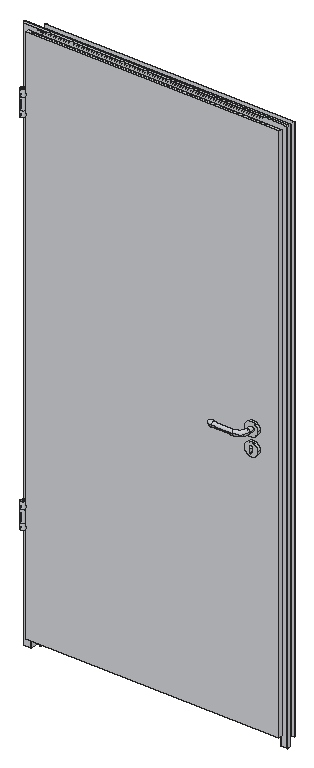
Revit family "BOS-Eckzarge-Eud-MW_Familie", category Türen, Revit 2017 (continued)
Definition of nested family "BOS-Band-VX_Modell"
  Automatic sketch dimensions
    Extrusion 6 sketch curve to Extrusion 6 sketch curve = 4.091 mm
    Extrusion 6 sketch curve to curve 1 = 7.771 mm
    Extrusion 6 sketch curve to Extrusion 6 sketch curve = 2.203 mm
    Extrusion 6 sketch curve to Extrusion 6 sketch curve = 7.729 mm
    Extrusion 7 sketch curve to Extrusion 7 sketch curve = 0 mm  (x6)
    Extrusion 7 sketch curve to curve 1 = 0 mm  (x2)
    Extrusion 7 sketch curve to curve 1 = 5.051 mm
    Extrusion 7 sketch curve to Extrusion 7 sketch curve = 4.091 mm
    Extrusion 7 sketch curve to curve 1 = 7.771 mm
    Extrusion 7 sketch curve to Extrusion 7 sketch curve = 2.203 mm
    Extrusion 7 sketch curve to Extrusion 7 sketch curve = 7.729 mm
    Extrusion 8 sketch curve to plane 1 = 0 mm
    plane 1 to Extrusion 8 sketch curve = 11.45 mm
    Extrusion 8 sketch curve to plane 3 = 11 mm
    Extrusion 8 sketch curve to plane 1 = 1.733 mm
    Extrusion 8 sketch curve to Extrusion 8 sketch curve = 1.151 mm
    Extrusion 8 sketch curve to Extrusion 8 sketch curve = 3.454 mm
    plane 1 to Extrusion 8 sketch curve = 7.193 mm
    Extrusion 8 sketch curve to Extrusion 8 sketch curve = 0.599 mm
    Extrusion 8 sketch curve to plane 1 = 1.214 mm
    Extrusion 8 sketch curve to Extrusion 8 sketch curve = 3.496 mm
    plane 1 to Extrusion 8 sketch curve = 4.667 mm
    Extrusion 8 sketch curve to Extrusion 8 sketch curve = 2.431 mm
    Extrusion 8 sketch curve to Extrusion 8 sketch curve = 0.001 mm
    Extrusion 8 sketch curve to Extrusion 8 sketch curve = 0.021 mm
    Extrusion 8 sketch curve to plane 1 = 0.017 mm
    Extrusion 8 sketch curve to Extrusion 8 sketch curve = 0.149 mm
    Extrusion 8 sketch curve to Extrusion 8 sketch curve = 2.05 mm
    Extrusion 9 sketch curve to Extrusion 9 sketch curve = 0 mm  (x6)
    Extrusion 9 sketch curve to curve 1 = 0 mm
    curve 1 to Extrusion 9 sketch curve = 0 mm
    Extrusion 9 sketch curve to curve 1 = 5.051 mm
    Extrusion 9 sketch curve to Extrusion 9 sketch curve = 4.091 mm
    Extrusion 9 sketch curve to curve 1 = 7.771 mm
    Extrusion 9 sketch curve to Extrusion 9 sketch curve = 2.203 mm
    Extrusion 9 sketch curve to Extrusion 9 sketch curve = 7.729 mm
    Extrusion 10 sketch curve to Extrusion 10 sketch curve = 0 mm  (x6)
    Extrusion 10 sketch curve to curve 1 = 0 mm
    curve 1 to Extrusion 10 sketch curve = 0 mm
    Extrusion 10 sketch curve to curve 1 = 5.051 mm
    Extrusion 10 sketch curve to Extrusion 10 sketch curve = 4.091 mm
    Extrusion 10 sketch curve to curve 1 = 7.771 mm
    Extrusion 10 sketch curve to Extrusion 10 sketch curve = 2.203 mm
    Extrusion 10 sketch curve to Extrusion 10 sketch curve = 7.729 mm
    Extrusion 11 sketch curve to Extrusion 11 sketch curve = 0 mm  (x3)
    plane 1 to Extrusion 11 sketch curve = 0 mm
    Extrusion 11 sketch curve to plane 3 = 0 mm
    Extrusion 11 sketch curve to plane 1 = 1.171 mm
    Extrusion 11 sketch curve to Extrusion 11 sketch curve = 6.421 mm
    plane 1 to Extrusion 11 sketch curve = 7.193 mm
    Extrusion 11 sketch curve to Extrusion 11 sketch curve = 0.526 mm
    Extrusion 11 sketch curve to Extrusion 11 sketch curve = 0.553 mm
    Extrusion 11 sketch curve to plane 1 = 0.901 mm
    plane 1 to Extrusion 11 sketch curve = 10.603 mm
    Extrusion 11 sketch curve to Extrusion 11 sketch curve = 3.5 mm
    Extrusion 11 sketch curve to Extrusion 11 sketch curve = 0.158 mm
    Extrusion 11 sketch curve to Extrusion 11 sketch curve = 1.739 mm
    plane 1 to Extrusion 11 sketch curve = 4.695 mm
    Extrusion 12 sketch curve to Extrusion 12 sketch curve = 0 mm  (x6)
    curve 1 to Extrusion 12 sketch curve = 0 mm  (x2)
    curve 1 to Extrusion 12 sketch curve = 46.34 mm
    Extrusion 12 sketch curve to Extrusion 12 sketch curve = 3.031 mm  (x2)
    Extrusion 12 sketch curve to Extrusion 12 sketch curve = 5.75 mm
    Extrusion 12 sketch curve to Extrusion 12 sketch curve = 1.346 mm
    Extrusion 12 sketch curve to Extrusion 12 sketch curve = 0.548 mm
    Extrusion 12 sketch curve to Extrusion 12 sketch curve = 1.017 mm
    Extrusion 12 sketch curve to Extrusion 12 sketch curve = 3.25 mm
    Extrusion 12 sketch curve to Extrusion 12 sketch curve = 1.75 mm
    Extrusion 13 sketch curve to Extrusion 13 sketch curve = 0 mm  (x6)
    curve 1 to Extrusion 13 sketch curve = 0 mm  (x2)
    curve 1 to Extrusion 13 sketch curve = 46.34 mm
    Extrusion 13 sketch curve to Extrusion 13 sketch curve = 3.031 mm  (x2)
    Extrusion 13 sketch curve to Extrusion 13 sketch curve = 5.75 mm
    Extrusion 13 sketch curve to Extrusion 13 sketch curve = 1.346 mm
    Extrusion 13 sketch curve to Extrusion 13 sketch curve = 0.548 mm
    Extrusion 13 sketch curve to Extrusion 13 sketch curve = 1.017 mm
    Extrusion 13 sketch curve to Extrusion 13 sketch curve = 3.25 mm
    Extrusion 13 sketch curve to Extrusion 13 sketch curve = 1.75 mm
    radius of Sweep 1 sketch curve = 6.5 mm
Definition of nested family "BOS-BOS_Modell"
  Parameters (values of type "BOS-BOS_Modell")
    Abstand = 22 mm
  Reference planes
    plane 1 "Mitte (Vorne/hinten)": y = 0
    plane 2: z = 0
    plane 3 "Mitte (Links/rechts)": x = 0
    plane 4 "BOS": x = -22
  Dimensions and locks
    "Abstand": plane 4 "BOS" to plane 3 "Mitte (Links/rechts)"
    aligned and locked: level to plane 2
    aligned and locked: plane 1 "Mitte (Vorne/hinten)" to text3d elem
    aligned and locked: text3d elem to level
Definition of nested family "BOS-Info-Texte_Beschriftung"
  Parameters (values of type "Drehpunkt Warnung")
    Unten = no
    Schwarz = yes
    Rot = no
    Oben = yes
    Info-Text En unten = "Kein Text"
    Info-Text De unten = "Kein Text"
    Info-Text En oben = "Die Lage des Drehpunktes des Türblattes ist ungenau!\r\nBitte mit dem Bandhersteller abstimmen."
    Englisch unten rot = and(and(Unten, Englisch), Rot)  # no
    Englisch unten schwarz = and(and(Unten, Englisch), Schwarz)  # no
    Englisch oben rot = and(and(Oben, Englisch), Rot)  # no
    Englisch oben schwarz = and(and(Oben, Englisch), Schwarz)  # no
    Info-Text De oben = "Der tatsächliche Drehpunkt des Türblattes\r\nkann von der Darstellung abweichen!"
    Warndreieck = no
    Fehlerkreis = no
    Englisch = no
    Deutsch unten rot = and(and(Unten, Deutsch), Rot)  # no
    Deutsch unten schwarz = and(and(Unten, Deutsch), Schwarz)  # no
    Deutsch oben rot = and(and(Oben, Deutsch), Rot)  # no
    Deutsch oben schwarz = and(and(Oben, Deutsch), Schwarz)  # yes
    Deutsch = not(Englisch)  # yes
    Ausrufezeichen = "!"
  Types (12, lengths in mm): name | Unten | Schwarz | Rot | Oben | Info-Text En unten | Info-Text De unten | Info-Text En oben | Info-Text De oben | Warndreieck | Fehlerkreis | Deutsch unten schwarz | Deutsch oben rot | Deutsch oben schwarz
    Rechtliche Hinweise | no | yes | no | yes | "Kein Text" | "Kein Text" | "In accordance with the protection note according to DIN 34, the ownership and copyrights are reserved!\r\n© 2016 BOS GmbH, Emsdetten, Germany -\r\nObserve the ISO 16016 protective label (see ID data)!\r\n\r\nSubject to technical change!" | "Entsprechend dem Schutzvermerk nach DIN 34 behalten wir uns Eigentum und Urheberrecht vor!\r\n© 2016 BOS GmbH, Emsdetten, Deutschland -\r\nSchutzvermerk ISO 16016 beachten (siehe ID-Daten)!\r\n\r\nTechnische Änderungen vorbehalten!" | no | no | no | no | yes
    Maulweite Fehlermeldung | no | yes | no | yes | "Kein Text" | "Kein Text" | "Check the wall thickness!" | "Wandstärke prüfen!" | no | yes | no | no | yes
    Verstellbereich | no | yes | no | yes | "Kein Text" | "Kein Text" | "Adjustment area from -5 to +15mm,\r\nother adjustment areas possible" | "Verstellbereich von -5 bis +15mm\r\nanderer Verstellbereich möglich" | no | no | no | no | yes
    Verstellbereich wSvdW | no | yes | no | yes | "Kein Text" | "Kein Text" | "Adjustment area in the soffit from -2 to +15mm,\r\nother adjustment areas possible" | "Verstellbereich in der Zargenleibung von -2 bis +15mm\r\nanderer Verstellbereich möglich" | no | no | no | no | yes
    Wandartauswahl 15Nz15Z | no | yes | no | yes | "Kein Text" | "Kein Text" | "Attention for stud walls: underlay from site required!\r\nFor DIN door leaves, select larger structural wall measurements.\r\nFor selection \"stud walls\":\r\nsee 'Features' (remove tick for brick walls)" | "Achtung bei Ständerwerk: bauseitige Unterfütterung erforderlich!\r\nBei DIN-Türblatt Rohbaumaße größer wählen.\r\nFür Auswahl \"Ständerwerk\": \r\nsiehe 'Eigenschaften' (Häkchen entfernen bei Mauerwerk)." | no | no | no | no | yes
    Technische Hinweise | no | yes | no | yes | "Kein Text" | "Kein Text" | "Due to manufacturing reasons this Revit family may not be changed\r\nwithout consulting BOS!\r\n\r\nDo not mirror frames (door list)!\r\nsee ‘Features’: DIN left / DIN right\r\n\r\nThe solid and stud walls or, for example, their profiles,\r\nmust be designed so that they can reliably and sustainably\r\nabsorb the static and dynamic forces resulting\r\nfrom the load on the door element used." | "Diese Revit-Familie darf aus fertigungstechnischen Gründen\r\nnicht ohne Rücksprache mit BOS abgeändert werden!\r\n\r\nZargen nicht spiegeln (Türliste)!\r\nsiehe 'Eigenschaften': DIN links / DIN rechts\r\n\r\nDie Massiv- und Ständerwerkswände bzw. deren Profile\r\nmüssen so ausgebildet sein, dass sie die statischen\r\nund dynamischen Kräfte, welche sich aus der Belastung\r\nder verwendeten Türelements ergeben, zuverlässig\r\nund nachhaltig aufnehmen können." | no | no | no | no | yes
    Drückerhöhe Warnung | yes | yes | no | no | "Please take the handle depth/height and/or DIN opening direction into account" | "Drückertiefen/-höhen und/oder DIN Richtungen beachten/anpassen!" | "Kein Text" | "Kein Text" | yes | no | yes | no | no
    Maulweite-Dehnungsfuge Fehlermeldung | no | yes | no | yes | "Kein Text" | "Kein Text" | "Check the wall thickness and/or expansion joint!" | "Wandstärke und/oder Dehnungsfuge prüfen!" | no | yes | no | no | yes
    Technische Hinweise Norm | no | yes | no | yes | "Kein Text" | "Kein Text" | "Due to manufacturing reasons this Revit family may not be changed\r\nwithout consulting BOS!\r\n\r\nThe solid and stud walls or, for example, their profiles,\r\nmust be designed so that they can reliably and sustainably\r\nabsorb the static and dynamic forces resulting\r\nfrom the load on the door element used." | "Diese Revit-Familie darf aus fertigungstechnischen Gründen\r\nnicht ohne Rücksprache mit BOS abgeändert werden!\r\n\r\nDie Massiv- und Ständerwerkswände bzw. deren Profile\r\nmüssen so ausgebildet sein, dass sie die statischen\r\nund dynamischen Kräfte, welche sich aus der Belastung\r\nder verwendeten Türelements ergeben, zuverlässig\r\nund nachhaltig aufnehmen können." | no | no | no | no | yes
    Maßauswahl | no | no | yes | yes | "Kein Text" | "Kein Text" | "To choose  Rebate Width/Height Measurement, Receiving Opening\r\nsee 'Features'" | "Auswahl von FMB, FMH, MW\r\nunter 'Eigenschaften'" | no | no | no | yes | no
    Rohbaumaß Warnung | no | yes | no | yes | "Kein Text" | "Kein Text" | "For DIN door leaves, select larger structural wall measurements!\r\nWhen changing the architrave widths, the structural measurements change accordingly." | "Bei DIN-Türblatt Rohbaumaße größer wählen!\r\nBei Änderung der Spiegelbreiten, Rohbaumaße beachten." | no | no | no | no | yes
    Drehpunkt Warnung | no | yes | no | yes | "Kein Text" | "Kein Text" | "Die Lage des Drehpunktes des Türblattes ist ungenau!\r\nBitte mit dem Bandhersteller abstimmen." | "Der tatsächliche Drehpunkt des Türblattes\r\nkann von der Darstellung abweichen!" | no | no | no | no | yes
  Reference planes
    plane 1: y = 0.955
    plane 2: x = 0
  Lines and regions (mm)
    Filled region 1, type "Gefüllter Bereich Gelb", visible <- "Warndreieck"
      outline origin (-7.188, 1.747, 0) x (1, 0, 0) y (0, 1, 0)
        loop
          line (5.951, -3.033) -> (8.413, -3.033) -> (7.182, -0.9) -> (5.951, -3.033)
    Filled region 2, type "Gefüllter Bereich Rot", visible <- "Fehlerkreis"
      outline origin (0, -3.763, 0) x (1, 0, 0) y (0, 1, 0)
        loop
          circle (0, 3.1) r 1.5
        loop
          line (-0.937, 3.486) -> (-0.937, 2.686) -> (1.023, 2.686) -> (1.023, 3.486) -> (-0.937, 3.486)
    Filled region 3, type "Gefüllter Bereich Weiss", visible <- "Fehlerkreis"
      outline origin (-7.014, -2.062, 0) x (1, 0, 0) y (0, 1, 0)
        loop
          line (6.077, 1.785) -> (6.077, 0.985) -> (8.038, 0.985) -> (8.038, 1.785) -> (6.077, 1.785)
  Text (mm)
    label "Info-Text De oben schwarz" at (0.065, 1.415, 0), shows "Info-Text De oben", visible <- "Deutsch oben schwarz"
    label "!" at (0.065, -0.414, 0), shows "Ausrufezeichen", visible <- "Warndreieck"
    label "Info-Text En oben schwarz" at (0.065, 1.415, 0), shows "Info-Text En oben", visible <- "Englisch oben schwarz"
    label "Info-Text De unten schwarz" at (0.218, -2.468, 0), shows "Info-Text De unten", visible <- "Deutsch unten schwarz"
    label "Info-Text En unten schwarz" at (0.065, -2.419, 0), shows "Info-Text En unten", visible <- "Englisch unten schwarz"
    label "Info-Text En oben rot" at (0.065, 1.415, 0), shows "Info-Text En oben", visible <- "Englisch oben rot"
    label "Info-Text En unten rot" at (0.065, -2.419, 0), shows "Info-Text En unten", visible <- "Englisch unten rot"
    label "Info-Text De unten rot" at (0.065, -2.419, 0), shows "Info-Text De unten", visible <- "Deutsch unten rot"
    label "Info-Text De oben rot" at (-0.371, 1.396, 0), shows "Info-Text De oben", visible <- "Deutsch oben rot"
Definition of nested family "BOS-Logo_Modell"
  Parameters (values of type "BOS-Logo_Modell")
    URL = "www.BestOfSteel.de"
    Rechtliche Hinweise = "www.BestOfSteel.de/tools-downloads/bim-building-information-modeling/"
    Description = "BOS Logo"
    Keynote = "BOS Logo"
    BOS-Architekten-Beratung = "Tel.: +49 (0) 2572 203-203; E-Mail: architekten@BestOfSteel.de"
    Technische Infos rund um die Stahlzarge = "www.BestOfSteel.de/tools-downloads/technische-infos-rund-um-die-stahlzarge/"
    Abstand vertikal = 10 mm
    Abstand horizontal = 15 mm
  Reference planes
    plane 1: y = 0
    plane 2: z = 0
    plane 3: x = 0
    plane 4: x = -7
    plane 5: x = 7
    plane 6: y = 8.299
    plane 7: x = 15
    plane 8: y = 4.15
    plane 9: x = -15
    plane 10: y = 14.15
    plane 11: y = -5.85
  Dimensions and locks
    plane 4 to plane 3 to plane 5 = 7 mm, 7 mm
    "Abstand vertikal": plane 11 to plane 8 to plane 10
    plane 6 to plane 8 to plane 1 = 4.15 mm, 4.15 mm
    "Abstand horizontal": plane 9 to plane 3
    "Abstand horizontal": plane 3 to plane 7
    aligned and locked: level to plane 2
Definition of nested family "BOS-Eckzargen-Nagelanker_Detail"
  Parameters (values of type "BOS-Eckzargen-Nagelanker_Detail")
    Wandstärke = 200 mm
    URL = "www.BestOfSteel.de"
    Rechtliche Hinweise = "www.BestOfSteel.de/tools-downloads/bim-building-information-modeling/"
    Putzwinkel vorne = 10 mm
    Putzwinkel hinten = 17 mm
    GT Gesamttiefe = 68.5 mm
    Verlängerter Anker = GT Gesamttiefe > 86 mm  # no
    BOS-Architekten-Beratung = "Tel.: +49 (0) 2572 203-203; E-Mail: architekten@BestOfSteel.de"
    Technische Infos rund um die Stahlzarge = "www.BestOfSteel.de/tools-downloads/technische-infos-rund-um-die-stahlzarge/"
    Manufacturer = "BOS GmbH Best Of Steel, Lütkenfelde 4, D-48282 Emsdetten"
    Einfügepunkt = 22 mm
    Blechstärke = 1.5 mm
    Description = "Eckzargen-Nagelanker"
    Keynote = "BOS  Detail"
    Ankerlänge horizontal = 110 mm  # constant formula
    Ankerlänge vertikal = if(Ankerlänge > (Wandstärke + Putzwinkel vorne - Blechstärke - 15 mm), (Wandstärke + Putzwinkel vorne - Blechstärke - 15 mm), Ankerlänge)  # 105 mm
    Ankerlänge = if(Verlängerter Anker, 165 mm, 105 mm)  # 105 mm
  Reference planes
    plane 1: z = 0
    plane 2: y = 193.5
    plane 3: y = 23.5
    plane 4: y = 208.5
    plane 5: y = 8.5
    plane 6: x = -120.5
    plane 7: x = -20.5
    plane 8: x = -15.5
    plane 9: x = 1.5
    plane 10: y = -1.5
    plane 11: y = 105
    plane 12: y = 0
    plane 13: x = 0
    plane 14: x = -110
  Lines and regions (mm)
    detail lines, in view "Ref.-Ebene"
      curve 1: arc (-2.5, 1.5, 0) -> (-1.793, 1.793, 0) -> (-1.5, 2.5, 0) r 1
      curve 2: arc (-2.5, 0, 0) -> (-0.732, 0.732, 0) -> (0, 2.5, 0) r 2.5
      curve 3: arc (-10.82, 19.284, 0) -> (-5.845, 15.54, 0) -> (-1.5, 20, 0) r 4.712
      curve 4: arc (-7.26, 10.058, 0) -> (-4.033, 10.461, 0) -> (-1.5, 12.5, 0) r 5.95
      curve 5: arc (-7.032, 11.541, 0) -> (-4.618, 11.842, 0) -> (-2.724, 13.367, 0) r 4.45
      curve 6: arc (-11.054, 12.936, 0) -> (-9.521, 11.016, 0) -> (-7.26, 10.058, 0) r 5
      curve 7: arc (-9.688, 13.555, 0) -> (-8.615, 12.212, 0) -> (-7.032, 11.541, 0) r 3.5
      curve 8: arc (-15.5, 36.062, 0) -> (-15.469, 35.429, 0) -> (-15.377, 34.802, 0) r 6.5
      curve 9: arc (-14, 35.858, 0) -> (-13.976, 35.371, 0) -> (-13.905, 34.888, 0) r 5
      curve 10: arc (-20, 1.5, 0) -> (-16.567, 6.821, 0) -> (-18.677, 12.792, 0) r 7.186
      curve 11: arc (-12.501, 1.5, 0) -> (-10.462, 4.033, 0) -> (-10.059, 7.259, 0) r 5.95
      curve 12: arc (-13.368, 2.724, 0) -> (-11.843, 4.618, 0) -> (-11.541, 7.031, 0) r 4.45
      curve 13: arc (-10.059, 7.259, 0) -> (-11.017, 9.521, 0) -> (-12.936, 11.054, 0) r 5
      curve 14: arc (-11.541, 7.031, 0) -> (-12.212, 8.615, 0) -> (-13.555, 9.687, 0) r 3.5
      curve 15: arc (-32.493, 22.92, 0) -> (-33.804, 23.353, 0) -> (-35.177, 23.5, 0) r 6.5
      curve 16: arc (-33.189, 21.587, 0) -> (-34.161, 21.896, 0) -> (-35.177, 22, 0) r 5
      curve 17: line (-35.177, 22, 0) -> (-110, 22, 0)
      curve 18: line (-110, 22, 0) -> (-110, 23.5, 0)
      curve 19: line (-110, 23.5, 0) -> (-35.177, 23.5, 0)
      curve 20: line (-14, 35.858, 0) -> (-14, 105, 0)
      curve 21: line (-15.5, 85, 0) -> (-15.5, 36.062, 0)
      curve 22: line (-1.5, 2.5, 0) -> (-1.5, 20, 0)
      curve 23: line (-1.5, 20, 0) -> (0, 20, 0)
      curve 24: line (0, 20, 0) -> (0, 2.5, 0)
      curve 25: line (-2.5, 0, 0) -> (-20, 0, 0)
      curve 26: line (-20, 0, 0) -> (-20, 1.5, 0)
      curve 27: line (-20, 1.5, 0) -> (-2.5, 1.5, 0)
      curve 28: line (-2.724, 13.367, 0) -> (-1.5, 14.764, 0)
      curve 29: line (-15.377, 34.802, 0) -> (-11.054, 12.936, 0)
      curve 30: line (-13.905, 34.888, 0) -> (-9.688, 13.555, 0)
      curve 31: line (-13.368, 2.724, 0) -> (-14.764, 1.5, 0)
      curve 32: line (-32.493, 22.92, 0) -> (-12.936, 11.054, 0)
      curve 33: line (-33.189, 21.587, 0) -> (-13.555, 9.687, 0)
      curve 34: line (-120.5, 193.5, 0) -> (-15.5, 193.5, 0)
      curve 35: line (-15.5, 23.5, 0) -> (-120.5, 23.5, 0)
      curve 36: line (-15.5, 193.5, 0) -> (-15.5, 23.5, 0)
      curve 37: line (-20.5, 193.5, 0) -> (-20.5, 23.5, 0)
      curve 38: line (-15.5, 105, 0) -> (-14, 105, 0)
      curve 39: line (-15.5, 105, 0) -> (-15.5, 35.426, 0)
      curve 40: line (-15.5, 35.426, 0) -> (-15.5, 105, 0)
  Dimensions and locks
    plane 4 to plane 2 = 15 mm
    plane 3 to plane 5 = 15 mm
    "Wandstärke": plane 4 to plane 5
    plane 6 to plane 7 = 100 mm
    plane 7 to plane 8 = 5 mm
    "Einfügepunkt": plane 7 to plane 9
    "Blechstärke": plane 12 to plane 10
    "Blechstärke": plane 13 to plane 9
    "Putzwinkel vorne": plane 5 to plane 10
    "Ankerlänge vertikal": plane 12 to plane 11
    "Ankerlänge horizontal": plane 14 to plane 13
  Automatic sketch dimensions
    curve 40 to curve 38 = 69.574 mm
    curve 1 to curve 2 = 0 mm  (x6)
    curve 4 to curve 5 = 0 mm  (x6)
    curve 6 to curve 7 = 0 mm  (x6)
    curve 11 to curve 12 = 0 mm  (x6)
    curve 13 to curve 14 = 0 mm  (x6)
    curve 15 to curve 16 = 0 mm  (x6)
    curve 17 to curve 16 = 74.99 mm
    curve 16 to curve 33 = 2.03 mm
    curve 33 to curve 32 = 1.503 mm  (x2)
    curve 15 to curve 10 = 14.795 mm
    curve 10 to curve 27 = 7.186 mm
    curve 26 to curve 12 = 6.329 mm
    curve 15 to curve 38 = 83.842 mm
    curve 21 to curve 39 = 0.636 mm
    curve 39 to curve 29 = 0.636 mm
    curve 11 to curve 13 = 0.95 mm  (x2)
    curve 8 to curve 20 = 1.514 mm
    curve 9 to curve 30 = 0.974 mm
    curve 13 to curve 33 = 3.5 mm
    curve 13 to curve 31 = 4.114 mm
    curve 33 to curve 32 = 1.5 mm  (x2)
    curve 13 to curve 29 = 2.662 mm  (x2)
    curve 6 to curve 30 = 1.5 mm  (x2)
    curve 9 to curve 8 = 5.004 mm
    curve 9 to curve 8 = 0.205 mm  (x2)
    curve 7 to curve 6 = 3.5 mm  (x2)
    curve 6 to curve 5 = 0.95 mm  (x2)
    curve 4 to curve 3 = 4.301 mm  (x2)
    curve 6 to curve 28 = 4.114 mm
    curve 12 to curve 27 = 10.936 mm
    curve 1 to curve 22 = 1 mm  (x2)
    curve 22 to curve 24 = 1.5 mm
    curve 11 to curve 31 = 1.5 mm
    curve 12 to curve 12 = 4.45 mm
    curve 26 to curve 10 = 7.186 mm
    curve 12 to curve 33 = 3.333 mm
    curve 6 to curve 28 = 8.341 mm
    curve 10 to curve 15 = 14.795 mm
    curve 4 to curve 22 = 6.329 mm
    curve 15 to curve 33 = 5 mm
    curve 3 to curve 29 = 17.211 mm
    curve 29 to curve 30 = 1.474 mm
    curve 40 to curve 8 = 0.636 mm  (x2)
    curve 31 to curve 12 = 1.857 mm
    curve 12 to curve 11 = 1.5 mm
    curve 4 to curve 6 = 0 mm  (x2)
    curve 5 to curve 28 = 1.857 mm
    curve 21 to curve 38 = 20 mm
    curve 35 to plane 6 = 0 mm
    curve 34 to plane 6 = 0 mm
    curve 19 to plane 14 = 0 mm
    curve 37 to plane 7 = 0 mm
    curve 36 to plane 2 = 0 mm
    curve 36 to plane 8 = 0 mm
    curve 8 to plane 8 = 0 mm
    curve 21 to plane 8 = 0 mm
    curve 23 to plane 13 = 0 mm
    curve 36 to plane 3 = 0 mm
    curve 10 to plane 5 = 0.843 mm
    curve 10 to plane 7 = 3.205 mm
    curve 11 to plane 8 = 0.44 mm
    plane 8 to curve 14 = 0.499 mm
    plane 8 to curve 8 = 6.5 mm
    curve 9 to curve 8 = 0 mm
    curve 7 to plane 13 = 6.5 mm
    curve 6 to curve 4 = 0.144 mm
    curve 4 to curve 3 = 0.15 mm
    curve 11 to curve 13 = 0.144 mm
    curve 6 to curve 5 = 0.939 mm
    curve 3 to plane 3 = 3.262 mm
    curve 33 to plane 3 = 1.913 mm
    curve 32 to plane 3 = 0.58 mm
    curve 16 to curve 32 = 0.696 mm
    plane 7 to curve 10 = 0.5 mm
    plane 7 to curve 10 = 1.823 mm
    plane 8 to curve 8 = 0.123 mm
    plane 8 to curve 31 = 0.736 mm
    plane 11 to curve 20 = 0 mm
    plane 8 to curve 20 = 1.5 mm
    curve 9 to curve 9 = 0.095 mm
    plane 8 to curve 33 = 1.945 mm
    curve 31 to curve 31 = 1.396 mm
    curve 33 to curve 13 = 0.619 mm
    curve 12 to curve 11 = 0.867 mm
    curve 12 to plane 5 = 1.469 mm
    curve 13 to curve 29 = 1.882 mm
    plane 8 to curve 3 = 4.68 mm
    curve 6 to curve 30 = 1.366 mm
    curve 11 to curve 6 = 2.799 mm
    curve 6 to curve 7 = 0.228 mm
    curve 5 to curve 7 = 0 mm
    curve 28 to plane 13 = 2.724 mm
    curve 13 to plane 5 = 1.241 mm
    curve 11 to curve 13 = 0 mm
    curve 14 to curve 12 = 0 mm
    plane 12 to curve 26 = 1.5 mm
    curve 26 to plane 12 = 0 mm
    plane 5 to curve 6 = 1.558 mm
    curve 28 to curve 28 = 1.396 mm
    curve 3 to plane 3 = 4.216 mm
    curve 17 to plane 3 = 1.5 mm
    curve 18 to plane 3 = 0 mm
    curve 39 to curve 40 = 0 mm
    curve 21 to curve 8 = 0 mm
    plane 11 to curve 21 = 20 mm
Types (4, lengths in mm): name | GT min. | Türblattversatz vertikal | Türblattversatz  horizontal | Türblattabstand 1 | Stumpf | LDH Lichte Durchgangs Höhe   Clearance Height | LDB Lichte Durchgangs Breite   Clearance Width | Gefälzt | Türblattstärke 3 | Türblattstärke 2 | Türblattstärke 1 | Türblattstärke | GT max. | GT Gesamttiefe | Falztiefe gesamt | Falztiefe | Falzaufschlag gesamt | Doppelfalz | Einfachfalz | Dichtungsversatz vertikal 2 | Dichtungsversatz vertikal 1 | Dichtung 2 | Drehpunktposition vertikal | Drehpunktposition horizontal | Drehpunktabstand (FM) horizontal | Drehpunktabstand (SP) vertikal | Bänder - Auswahl | EsFd | EuFd | Modell | GT Gesamttiefe_Zarge   Total Profile Depth | Eud | Esd | Beschreibung
  Eud | 68.5 | -3.5 | 11.5 | 1.5 | no | 2093 | 936 | yes | 0 | 25.5 | 14.5 | 40 | 68.5 | 68.5 | 28.5 | 28.5 | 15 | no | yes | 53.5 | 28.5 | no | 122.5 | 1509 | 21 | 12.5 | "3D Bänder gefälzt, Bandaufnahmen BVX11000" | no | no | "Eud" | 68.5 | yes | no | "Eckzarge für Mauerwerk, gefälzt"
  EuFd | 93.5 | -3.5 | 11.5 | 1.5 | no | 2078 | 906 | yes | 25 | 25.5 | 14.5 | 65 | 93.5 | 93.5 | 53.5 | 28.5 | 30 | yes | no | 53.5 | 28.5 | yes | 122.5 | 1509 | 21 | 12.5 | "3D Bänder gefälzt, Bandaufnahmen BVX11000" | no | yes | "EuFd" | 93.5 | no | no | "Eckzarge für Mauerwerk, gefälzt, mit Doppelfalz"
  Esd | 86.5 | 15.5 | 6 | -2 | yes | 2093 | 936 | no | 0 | 40 | 0 | 40 | 86.5 | 86.5 | 46.5 | 46.5 | 15 | no | yes | 71.5 | 46.5 | no | 123.5 | 1490.5 | 2.5 | 13.5 | "3D Bänder stumpf, Bandaufnahmen BVX11000" | no | no | "Esd" | 86.5 | no | yes | "Eckzarge für Mauerwerk, stumpf"
  EsFd | 111.5 | 15.5 | 6 | -2 | yes | 2078 | 906 | no | 25 | 40 | 0 | 65 | 111.5 | 111.5 | 71.5 | 46.5 | 30 | yes | no | 71.5 | 46.5 | yes | 123.5 | 1490.5 | 2.5 | 13.5 | "3D Bänder stumpf, Bandaufnahmen BVX11000" | yes | no | "EsFd" | 111.5 | no | no | "Eckzarge für Mauerwerk, stumpf, mit Doppelfalz"
